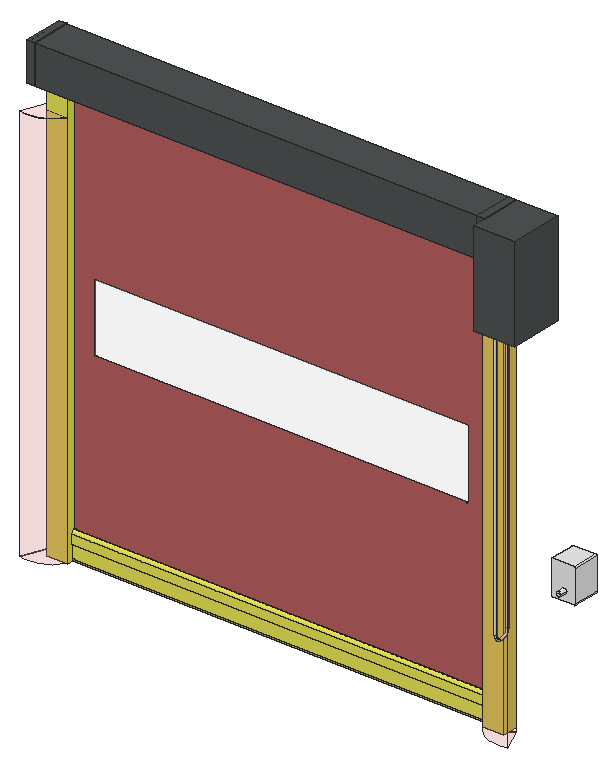
Revit family "Doors_Garage_Overhead-Door-Corporation_RapidFlex-High-Speed-Interior-Fabric-Door-991", category Specialty Equipment, host Wall, Revit 2019
Family settings
  Host = Wall
  Round Connector Dimension = Use Diameter
  Part Type = Normal
  OmniClass Number = 23.30.10.21.34
  OmniClass Title = Industrial Doors
  Always vertical = Yes
  Cut with Voids When Loaded = No
  Shared = No
  Room Calculation Point = No
Parameters (values of type "115 volts, one phase, 60 Hz (110-120V range)")
  Windows Off [instance] = not(Vision Panels)  # no
  Vision Panels [instance] = yes
  True Width [instance] = [Door Width (Real)]  # 10' - 0"
  True Height [instance] = [Door Height (Real)]  # 10' - 0"
  Three Phase Controller [instance] = not(One Phase Controller)  # no
  Rough Width [instance] = [Door Width (Real)]  # 10' - 0"
  Rough Height [instance] = [Door Height (Real)] - 0' 4 1/2"  # 9' - 7 1/2"
  Product Page URL = "https://www.overheaddoor.com/high-speed-doors-991"
  Powder Coat (Note) = "PowderGuard® Premium powder coat options are available in approximately 200 colors as well as custom matching to specification. "  # constant formula
  Panel Material [instance] = PVC - Overhead Door - Red
  One Phase Controller [instance] = if(Number of Poles = 1, 1 = 1, 1 = 2)  # yes
  Motor Cover [instance] = yes
  Hood Material = Metal - Overhead Door - Black
  Headroom Type [instance] = if(or(Headroom Option < 1, Headroom Option = 1), "Standard Headroom", "Sloped Hood Headroom")  # "Standard Headroom"
  Headroom Height [instance] = if(or(Headroom Option < 1, Headroom Option = 1), 1' 9 1/8", 1' 11 13/16")  # 1' - 9 1/8"
  Headroom Option [instance] = 1
  External Transformer = if(or(Voltage = 208 V, Voltage = 575 V), 1 = 1, 1 = 2)  # no
  Door Width (Real) [instance] = if(Door Width > Max Door Width, Max Door Width, if(Door Width < Min Door Width, Min Door Width, Door Width))  # 10' - 0"
  Door Height (Real) [instance] = if(Door Height > Max Door Height, Max Door Height, if(Door Height < Min Door Height, Min Door Height, Door Height))  # 10' - 0"
  Voltage = 115 V
  URL = "https://www.overheaddoor.com/"
  Product data url = "https://www.bimobject.com/overhead-door/product/high-speed-interior-fabric-door-991"
  Product Guid = "43ac61dc-bc52-4794-8490-39b0333cf0e0"
  Power Factor = 1
  Number of Poles = 1
  Model = "991"  # constant formula
  Min Door Width [instance] = 4' - 0"  # constant formula
  Min Door Height [instance] = 4' - 0"  # constant formula
  Max Door Width [instance] = 14' - 0"  # constant formula
  Max Door Height [instance] = 14' - 0"  # constant formula
  Manufacturer = "Overhead Door Corporation"  # constant formula
  Frequency = 60 Hz  # constant formula
  Wall Closure = By host
  Floor To (CL) of Shaft [instance] = [Door Height (Real)] + 0' 5 1/2"  # 10' - 5 1/2"
  Connector Description = "Rapidflex Large Control Panel"  # constant formula
  Finish Material = Finish - Overhead Door - Yellow
  Door Width [instance] = 10' - 0"
  Door Height [instance] = 10' - 0"
  Description = "Our high speed interior fabric door, RapidFlex® Model 991, is ideal for separating controlled environment spaces such as food and beverage facilities, high traffic zones, storage rooms and manufacturing areas to prevent cross contamination."  # constant formula
  Current = 20 A
  Clearance [instance] = yes
  Backroom Depth [instance] = 0' - 11 1/2"  # constant formula
  Apparent Load Phase 3 = if(Number of Poles = 1, 0 VA, (Voltage * Current * sqrt(3)) / 3)  # 0 VA
  Apparent Load Phase 2 = if(Number of Poles = 1, 0 VA, (Voltage * Current * sqrt(3)) / 3)  # 0 VA
  Apparent Load Phase 1 = if(Number of Poles = 1, Voltage * Current, (Voltage * Current * sqrt(3)) / 3)  # 2300 VA
Reference planes (in)
  plane 1 "Center (Front/Back)": y = 0
  plane 2 "Center (Left/Right)": x = 0
  plane 3 "Left": x = -60
  plane 4 "Right": x = 60
  plane 5 "Exterior": y = 3.00375
  plane 6 "Interior": y = -2.99625
  plane 7: x = 60
  plane 8: x = -60
  plane 9: z = 115.5
  plane 10 "Main": y = -7.11344
  plane 11: y = -14.49625
  plane 12: y = -2.99625
  plane 13: z = 47.47
  plane 14: y = -5.16813
  plane 15: y = -5.24829
  plane 16 "Main Door Block": y = -5.08796
  plane 17: z = 120
Lines and regions (in)
  Opening 1
    outline origin (-90, -2.99625, 0) x (1, 0, 0) y (0, 0, 1)
      loop
        line (30, 0) -> (150, 0) -> (150, 115.5) -> (30, 115.5) -> (30, 0)
Text (in)
  text "Exterior" at (-74.96733, 27.31104, 0), in view "Ref. Level"
  text "Interior" at (-74.96733, -25.14366, 0), in view "Ref. Level"
  text "Exterior" at (0, 40.15149, 123.01588), in view "Right"
  text "Interior" at (0, -64.39139, 123.01588), in view "Right"
  text "Interior" at (0, -31.01599, 123.00693), in view "Left"
  text "Exterior" at (0, 54.57065, 123.00693), in view "Left"
Dimensions and locks (in)
  equal spacing: plane 3 "Left", plane 2 "Center (Left/Right)", plane 4 "Right"
  "Door Width (Real)": plane 3 "Left" to plane 4 "Right"
  level to host wall = 38' - 3.59655"
  equal spacing: plane 8, plane 2 "Center (Left/Right)", plane 7
  "Rough Width": plane 7 to plane 8
  "Backroom Depth": plane 6 "Interior" to plane 11
  plane 9 to level = 9' - 7 1/2"
  locked: plane 12 to plane 10 "Main" at 4.11719
  plane 1 "Center (Front/Back)" to plane 6 "Interior" = 0' - 2.99625"
  locked: plane 14 to plane 6 "Interior" at 2.17187
  locked: plane 15 to plane 16 "Main Door Block" at 0.16033
  equal spacing: plane 15, plane 14, plane 16 "Main Door Block"
  locked: plane 17 to plane 9 at 4.5
  "Door Height (Real)": plane 17 to level
  aligned and locked: Opening 1 sketch curve to level
  aligned and locked: plane 5 "Exterior" to host wall
  aligned and locked: host wall to plane 6 "Interior"
  aligned and locked: plane 8 to Opening 1 sketch curve
  aligned and locked: plane 7 to Opening 1 sketch curve
  aligned and locked: plane 12 to plane 6 "Interior"
  aligned and locked: plane 12 to nested 1
  aligned and locked: nested 1 to plane 2 "Center (Left/Right)"
  aligned and locked: level to nested 1
  aligned and locked: Opening 1 sketch curve to plane 9
  aligned and locked: plane 16 "Main Door Block" to nested 2
  aligned and locked: plane 2 "Center (Left/Right)" to nested 2
Nested families (in)
  nested 1: "Lifts" at (0, -2.99625, 0) x (-1, 0, 0) z (0, 0, 1), Header Width <- "Backroom Depth", Motor Cover <- "Motor Cover", One Phase Controller <- "One Phase Controller", Three Phase Controller <- "Three Phase Controller", Header Option <- "Headroom Option", Headroom Height <- "Headroom Height", type "Frame Unit"
    with Three Phase Controller no, Standard Motor Housing yes, Standard Headroom Hood yes, Spool Radius 0' - 3.45", Sloped Motor RH no, Sloped Motor LH no, Sloped Motor Housing no, Sloped Headroom Hood no, Shaft Length Cut 2 0' - 7 1/2", Shaft Length Cut 1 1' - 5.38", Rod 2 no, Rod 1 no, Right Rod yes, Right Motor Position yes, One Phase Controller yes, Motor Cover Off no, Motor Cover yes, Masking Region Right Motor Three Phase no, Masking Region Right Motor no, Masking Region Left Motor Three Phase no, Masking Region Left Motor no, Left Rod no, Left Motor Position no, Headroom Offset 0' - 0", Headroom Height 1' - 9 1/8", Header Width 0' - 11 1/2", Header Option 1, Header Height 0' - 11", Guid Option 1, Floor To CL Shaft 10' - 11 1/8", Electric Operator Position 14' - 3 1/2", Clearance (Wide Guid) yes, Clearance (Slim Guid) no, CL Shaft Offset 1' - 0", Opening Height 9' - 7 1/2"
  nested 2: "Panel" at (0, -5.08796, 0), type "Panel"
Connectors (in)
  electrical at (85.75194, -10.53625, 47.99806), driven by "Number of Poles", driven by "Voltage", driven by "Apparent Load Phase 1", driven by "Power Factor", driven by "Connector Description", driven by "Apparent Load Phase 2", driven by "Apparent Load Phase 3"
    settings: on nested 1, index 1, voltage 115 V, apparent load 0 VA, apparent load phase1 2300 VA, apparent load phase2 0 VA, apparent load phase3 0 VA, power factor 1, load classification "Other", number of poles 1, system type 31, power factor state 1, is connector primary yes, connector utility no, sub classification motor no, connector description "Rapidflex Large Control Panel"
Definition of nested family "Lifts"
  Parameters (values of type "Frame Unit")
    Three Phase Controller [instance] = no
    Standard Motor Housing [instance] = if(and(Motor Cover, or(Header Option < 1, Header Option = 1)), 1 = 1, 1 = 2)  # no
    Standard Headroom Hood [instance] = if(or(Header Option < 1, Header Option = 1), 1 = 1, 1 = 2)  # no
    Spool Radius [instance] = 0' - 3.45"
    Sloped Motor RH [instance] = if(and(Right Motor Position, or(Header Option = 2, Header Option > 2)), 1 = 1, 1 = 2)  # yes
    Sloped Motor LH [instance] = if(and(Left Motor Position, or(Header Option = 2, Header Option > 2)), 1 = 1, 1 = 2)  # yes
    Sloped Motor Housing [instance] = if(and(Motor Cover, or(Header Option > 2, Header Option = 2)), 1 = 1, 1 = 2)  # yes
    Sloped Headroom Hood [instance] = if(or(Header Option > 2, Header Option = 2), 1 = 1, 1 = 2)  # yes
    Shaft Material = none
    Shaft Length Cut 2 [instance] = 0' - 7 1/2"  # constant formula
    Shaft Length Cut 1 [instance] = 1' - 5.38"  # constant formula
    Rod 2 [instance] = if(and(not(Motor Cover), Right Motor Position), 1 = 1, 1 = 2)  # no
    Rod 1 [instance] = if(and(not(Motor Cover), Left Motor Position), 1 = 1, 1 = 2)  # no
    Right Rod [instance] = if(Sloped Motor RH, 1 = 2, Right Motor Position)  # no
    Right Motor Position [instance] = yes
    Opening Width = 10' - 0"
    One Phase Controller [instance] = yes
    Naked Header = no
    Motor Cover Off [instance] = not(Motor Cover)  # no
    Motor Cover [instance] = yes
    Masking Region Right Motor Three Phase [instance] = if(and(Right Motor Position, Three Phase Controller), 1 = 1, 1 = 2)  # no
    Masking Region Right Motor [instance] = if(and(Right Motor Position, Motor Cover Off), 1 = 1, 1 = 2)  # no
    Masking Region Left Motor Three Phase [instance] = if(and(Left Motor Position, Three Phase Controller), 1 = 1, 1 = 2)  # no
    Masking Region Left Motor [instance] = if(and(Left Motor Position, Motor Cover Off), 1 = 1, 1 = 2)  # no
    Left Rod [instance] = if(Sloped Motor LH, 1 = 2, Left Motor Position)  # no
    Left Motor Position [instance] = yes
    Hood Offset (Real) = if(Hood Offset < 0' 4 1/2", 0' 4 1/2", if(Hood Offset > Opening Height / 2, Opening Height / 2, Hood Offset))  # 0' - 4 1/2"
    Hood Offset = 0' - 0"
    Hood Material = none
    Headroom Offset [instance] = if(or(Header Option < 1, Header Option = 1), 0' 0", 0' 2.69")  # 0' - 2.69"
    Headroom Height [instance] = 0' - 11"
    Header Width [instance] = 0' - 11 1/2"
    Header Option [instance] = 2
    Header Height [instance] = 0' - 11"
    Guid Width = 0' - 6"
    Guid Option [instance] = 1
    Floor To CL Shaft [instance] = Opening Height + Headroom Height - 0' 5 1/2" - Headroom Offset  # 4' - 2.81"
    External Transformer = no
    Electric Operator Position [instance] = if(Right Motor Position, (2' 1 3/4" * 2 + Opening Width), 0' 0")  # 14' - 3 1/2"
    Clearance (Wide Guid) [instance] = if(and(Clearance, or(Guid Option < 2, Guid Option = 2)), 1 < 2, 1 > 2)  # yes
    Clearance (Slim Guid) [instance] = if(and(Clearance, or(Guid Option > 3, Guid Option = 3)), 1 < 2, 1 > 2)  # no
    Clearance = yes
    Opening Height = 4' - 0"
    Finish Material = none
    CL Shaft Offset [instance] = if(or(Header Option < 1, Header Option = 1), 1' 0", 1' 4.53")  # 1' - 4.53"
    Bottom Bar = yes
    Analytic Construction = "<None>"
  Reference planes (in)
    plane 1 "Center (Front/Back)": y = 0
    plane 2: z = 0
    plane 3 "Center (Left/Right)": x = 0
    plane 4 "Left": x = -60
    plane 5 "Right": x = 60
    plane 6 "Center Line of Shaft": z = 50.81
    plane 7 "Headroom Top": z = 56.31
    plane 8 "Opening Height": z = 48
    plane 9: x = -77.38
    plane 10 "Shaft": x = -75.54413
    plane 11 "Box": x = -85.75
    plane 12 "EBOX": z = 48
    plane 13: z = 39.09375
    plane 14: z = 56.90625
    plane 15: z = 43.5
    plane 16: y = 7.54
    plane 17: z = 45.31
    plane 18: y = 11.5
    plane 19: x = 67.5
    plane 20: x = 66
    plane 21: x = -66
    plane 22: x = -78
    plane 23: x = -93.5
    plane 24: y = 5.75
    plane 25: y = 5.76393
    plane 26: y = 2.17
    plane 27 "Center L/MM": x = 85.75
    plane 28: z = 53
    plane 29: z = 43
    plane 30: x = -82.25
    plane 31: x = -89.25
    plane 32: y = 7.54
    plane 33 "1": z = 45.56
    plane 34 "Sloped motor LH": x = -71.125
    plane 35 "Sloped motor RH": x = 71.125
    plane 36: z = 59
  Forms (in)
    Extrusion 1, solid, material <- "Shaft Material"
      sketch origin (0, 0, 0) x (0, 1, 0) y (0, 0, 1)
        loop
          circle (5.75, 50.81) r 0.78
      from -77.38 to 67.5
    Extrusion 2, solid, visible <- "Three Phase Controller"
      sketch origin (-1.95651, 0, 0) x (1, 0, 0) y (0, 0, 1)
        loop
          line (-76.54349, 56.90625) -> (-91.04349, 56.90625)
          arc (-91.04349, 56.90625) -> (-91.39704, 56.7598) -> (-91.54349, 56.40625) r 0.5
          line (-91.54349, 56.40625) -> (-91.54349, 39.59375)
          arc (-91.54349, 39.59375) -> (-91.39704, 39.2402) -> (-91.04349, 39.09375) r 0.5
          line (-91.04349, 39.09375) -> (-76.54349, 39.09375)
          arc (-76.54349, 39.09375) -> (-76.18993, 39.2402) -> (-76.04349, 39.59375) r 0.5
          line (-76.04349, 39.59375) -> (-76.04349, 56.40625)
          arc (-76.04349, 56.40625) -> (-76.18993, 56.7598) -> (-76.54349, 56.90625) r 0.5
      from -7.54 to 0
    Revolve 3, solid, visible <- "Three Phase Controller"
      sketch origin (-55.03203, -180, 43.5) x (-1, 0, 0) y (0, -1, 0)
        loop
          line (27.35797, -187.54) -> (26.60797, -187.54) -> (26.75797, -189.312) -> (27.35797, -189.312) -> (27.35797, -187.54)
        axis (27.35797, -187.54) -> (27.35797, -189.312)
      angle from 0 to 360
    Extrusion 4, solid, material <- "Finish Material"
      sketch origin (0, 0, 0) x (1, 0, 0) y (0, 1, 0)
        loop
          line (-66, 0) -> (-60, 0) -> (-60, 4.4375) -> (-66, 4.4375) -> (-66, 0)
        loop
          line (66, 0) -> (66, 4.44) -> (60, 4.44) -> (60, 0) -> (66, 0)
      from 0 to 45.31
    Extrusion 5, solid, material <- "Hood Material", visible <- "Standard Headroom Hood"
      sketch origin (0, 0, 0) x (0, 1, 0) y (0, 0, 1)
        loop
          line (0, 45.31) -> (11.5, 45.31) -> (11.5, 56.31) -> (0, 56.31) -> (0, 45.31)
      from -66 to 66
    Sweep 6, solid, material <- "Hood Material"
      path origin (0, 0, 0) x (0, 1, 0) y (0, 0, 1)
        loop
          line (0, 45.31) -> (11.5, 45.31) -> (11.5, 56.31) -> (0, 56.31) -> (0, 45.31)
      profile origin (0, 0, 50.81) x (0, -1, 0) y (1, 0, 0)
        loop
          line (0, -66) -> (0, -63.8) -> (-0.284, -63.8) -> (-0.284, -66) -> (0, -66)
        loop
          line (0, 66) -> (-0.284, 66) -> (-0.284, 63.80145) -> (0, 63.80145) -> (0, 66)
    Extrusion 7, solid, material <- "Hood Material"
      sketch origin (0, 0, 0) x (1, 0, 0) y (0, 1, 0)
        loop
          line (66, 0) -> (66, 11.5) -> (65.495, 11.5) -> (65.495, 0) -> (66, 0)
        loop
          line (-66, 0) -> (-65.495, 0) -> (-65.495, 11.5) -> (-66, 11.5) -> (-66, 0)
      from 45.31 to 56.31
    Extrusion 8, solid, material <- "Hood Material"
      sketch origin (-60, -60, 48) x (0, -1, 0) y (0, 0, 1)
        loop
          circle (-65.75, 2.81) r 3.45
      from 5.18 to 4.12
    Extrusion 9, solid, visible <- "External Transformer"
      sketch origin (0, 0, 48) x (1, 0, 0) y (0, 1, 0)
        loop
          line (-92.625, 0) -> (-78.875, 0) -> (-78.875, 0.125) -> (-81.25, 0.125) -> (-81.25, 9.3125) -> (-90.25, 9.3125) -> (-90.25, 0.125) -> (-92.625, 0.125) -> (-92.625, 0)
      from -19.13 to -10
    Extrusion 10, solid, visible <- "Clearance"
      sketch origin (0, 0, 0) x (1, 0, 0) y (0, 1, 0)
        loop
          arc (-60, 4.4375) -> (-64.48189, 8.35406) -> (-70.42813, 8.61682) r 9
          line (-70.42813, 8.61682) -> (-67.62491, 1.67861) -> (-66, 2.61675) -> (-66, 4.4375) -> (-60, 4.4375)
        loop
          line (60, 4.44) -> (66, 4.44) -> (66, 2.61675) -> (67.62491, 1.67861) -> (70.42798, 8.61644)
          arc (70.42798, 8.61644) -> (64.48242, 8.35484) -> (60, 4.44) r 9
      from 0 to 48
    Extrusion 11, solid, material <- "Hood Material"
      sketch origin (60, 0.01393, -0.15033) x (0, -1, 0) y (0, 0, 1)
        loop
          circle (-5.75, 50.96033) r 3.45
      from -5.18313 to -4.12313
    Extrusion 12, solid, material <- "Finish Material"
      sketch origin (0, 0, 0) x (0, 1, 0) y (0, 0, 1)
        loop
          arc (3.17, 7.16) -> (2.93566, 7.83524) -> (2.33339, 8.22014) r 1.09
          arc (2.33339, 8.22014) -> (2.26394, 8.20625) -> (2.22831, 8.14505) r 0.08624
          arc (2.22831, 8.14505) -> (2.17, 7.81318) -> (2.11169, 8.14505) r 0.17106
          arc (2.11169, 8.14505) -> (2.07606, 8.20625) -> (2.00661, 8.22014) r 0.08624
          arc (2.00661, 8.22014) -> (1.40434, 7.83524) -> (1.17, 7.16) r 1.09
          line (1.17, 7.16) -> (1.17, 4.64381) -> (1.48036, 4.64381) -> (1.48036, 0.69)
          arc (1.48036, 0.69) -> (1.68233, 0.20222) -> (2.17, 0) r 0.69
          arc (2.17, 0) -> (2.65767, 0.20222) -> (2.85964, 0.69) r 0.69
          line (2.85964, 0.69) -> (2.85964, 4.64381) -> (3.17, 4.64381) -> (3.17, 7.16)
      from -60 to 60
    Extrusion 13, solid, visible <- "One Phase Controller"
      sketch origin (0, 0, 0) x (1, 0, 0) y (0, 0, 1)
        loop
          line (-82.66553, 53) -> (-88.85, 53)
          arc (-88.85, 53) -> (-89.13284, 52.88284) -> (-89.25, 52.6) r 0.4
          line (-89.25, 52.6) -> (-89.25, 43.4)
          arc (-89.25, 43.4) -> (-89.13284, 43.11716) -> (-88.85, 43) r 0.4
          line (-88.85, 43) -> (-82.65, 43)
          arc (-82.65, 43) -> (-82.36716, 43.11716) -> (-82.25, 43.4) r 0.4
          line (-82.25, 43.4) -> (-82.25, 52.58447)
          arc (-82.25, 52.58447) -> (-82.37171, 52.87829) -> (-82.66553, 53) r 0.41553
      from -7.54 to 0
    Revolve 14, solid, visible <- "One Phase Controller"
      sketch origin (0, 0, 45.56) x (-1, 0, 0) y (0, -1, 0)
        loop
          line (85.75, -9.3125) -> (85.75, -7.54) -> (85, -7.54) -> (85.15, -9.3125) -> (85.75, -9.3125)
        axis (85.75, -9.3125) -> (85.75, -7.54)
      angle from 0 to 360
    Extrusion 15, solid, material <- "Hood Material", visible <- "Sloped Headroom Hood"
      sketch origin (0, 0, 0) x (0, 1, 0) y (0, 0, 1)
        loop
          line (0, 58.9975) -> (0, 45.31) -> (11.5, 45.31) -> (11.5, 56.98734) -> (0, 58.9975)
        loop
          line (11.216, 56.026) -> (0.284, 56.026) -> (0.284, 45.594) -> (11.216, 45.594) -> (11.216, 56.026)
      from -66 to 66
  Cuts and joins
    joined: Sweep 6, Extrusion 7
  Lines and regions (in)
    Masking region 1, visible <- "Three Phase Controller"
      outline origin (0, 0, 0) x (1, 0, 0) y (0, 1, 0)
        loop
          line (-93.5, 0) -> (-78, 0) -> (-78, 7.54) -> (-93.5, 7.54) -> (-93.5, 0)
    Masking region 2, visible <- "Masking Region Right Motor Three Phase"
      outline origin (0, 0, 0) x (1, 0, 0) y (0, 1, 0)
        loop
          line (-81.64, 7.54) -> (-81.79, 9.312) -> (-82.99, 9.312) -> (-83.14, 7.54) -> (-81.64, 7.54)
    Masking region 3
      outline origin (0, 0, 0) x (1, 0, 0) y (0, 1, 0)
        loop
          line (67.5, 6.53) -> (66, 6.53) -> (66, 4.97) -> (67.5, 4.97) -> (67.5, 6.53)
    Masking region 4, visible <- "External Transformer"
      outline origin (0, 0, 0) x (1, 0, 0) y (0, 1, 0)
        loop
          line (-90.25, 7.54) -> (-81.25, 7.54) -> (-81.25, 9.3125) -> (-90.25, 9.3125) -> (-90.25, 7.54)
    Masking region 5, visible <- "Masking Region Left Motor Three Phase"
      outline origin (-205.49871, 0, 0) x (0, 1, 0) y (-1, 0, 0)
        loop
          line (7.54, -115.63871) -> (7.54, -117.13871) -> (9.312, -116.98871) -> (9.312, -115.78871) -> (7.54, -115.63871)
    Masking region 6
      outline origin (0, 0, 0) x (1, 0, 0) y (0, 1, 0)
        loop
          line (-66, 11.5) -> (-66, 0) -> (66, 0) -> (66, 11.5) -> (-66, 11.5)
    Masking region 7, visible <- "One Phase Controller"
      outline origin (0, 0, 0) x (1, 0, 0) y (0, 1, 0)
        loop
          line (-89.25, 7.54) -> (-89.25, 0) -> (-82.27704, 0) -> (-82.27704, 7.54) -> (-89.25, 7.54)
    Masking region 8, visible <- "One Phase Controller"
      outline origin (0, 0, 0) x (1, 0, 0) y (0, 1, 0)
        loop
          line (-86.35, 9.3125) -> (-86.5, 7.54) -> (-85, 7.54) -> (-85.15, 9.3125) -> (-86.35, 9.3125)
    Masking region 9, visible <- "Rod 2"
      outline origin (0, 0, 0) x (0, 1, 0) y (-1, 0, 0)
        loop
          line (6.53, 66) -> (6.53, 67.9302) -> (5.90027, 67.9302) -> (5.90027, 69.159) -> (6.53, 69.159) -> (6.53, 69.759) -> (5.40047, 69.759) -> (5.40047, 69.22902) -> (4.97, 69.22902) -> (4.97, 66) -> (6.53, 66)
        loop
          line (4.97, 77.38) -> (4.97, 74.22898) -> (5.40047, 74.22898) -> (5.40047, 73.699) -> (6.53, 73.699) -> (6.53, 77.38) -> (4.97, 77.38)
    symbolic lines
      curve 1: line (-63.8, 0, 0) -> (-63.8, 11.5, 0)
      curve 2: line (63.80145, 11.5, 0) -> (63.80145, 0, 0)
  Dimensions and locks (in)
    equal spacing: plane 4 "Left", plane 3 "Center (Left/Right)", plane 5 "Right"
    "Opening Width": plane 4 "Left" to plane 5 "Right"
    "Header Height": plane 7 "Headroom Top" to plane 17
    "Opening Height": plane 8 "Opening Height" to level
    locked: level to plane 12 "EBOX" at 48
    locked: plane 11 "Box" to Revolve 3 sketch curve at 3.36
    equal spacing: plane 14, plane 12 "EBOX", plane 13
    locked: plane 12 "EBOX" to plane 15 at 4.5
    locked: plane 13 to plane 14 at 17.8125
    locked: plane 10 "Shaft" to plane 4 "Left" at 15.54413
    plane 11 "Box" to plane 10 "Shaft" = 0' - 10.20587"
    locked: plane 16 to plane 1 "Center (Front/Back)" at 7.54
    locked: Revolve 3 sketch curve to Revolve 3 sketch curve at 0.6
    locked: Revolve 3 sketch curve to Revolve 3 sketch curve at 0.75
    locked: plane 16 to Revolve 3 sketch curve at 1.772
    "Guid Width": Extrusion 4 sketch curve to plane 4 "Left"
    locked: plane 1 "Center (Front/Back)" to Extrusion 4 sketch curve at 4.4375
    "Header Width": plane 1 "Center (Front/Back)" to Extrusion 5 sketch curve
    Extrusion 5 to plane 4 "Left" = 0' - 6"
    plane 5 "Right" to Extrusion 5 = 0' - 6"
    "Header Width": plane 1 "Center (Front/Back)" to Sweep 6 sketch curve
    "Header Width": plane 1 "Center (Front/Back)" to Extrusion 7 sketch curve  (x2)
    "Header Width": plane 1 "Center (Front/Back)" to plane 18
    plane 21 to nested 1 = 0' - 5.729"
    "Guid Width": plane 4 "Left" to plane 21
    "Guid Width": plane 5 "Right" to plane 20
    locked: Extrusion 7 sketch curve to plane 20 at 0.505
    locked: plane 21 to Extrusion 7 sketch curve at 0.505
    locked: plane 11 "Box" to plane 23 at 7.75
    locked: plane 22 to plane 11 "Box" at 7.75
    locked: Masking region 3 sketch curve to Masking region 3 sketch curve at 1.56
    locked: plane 1 "Center (Front/Back)" to Extrusion 9 sketch curve at 0.125
    locked: plane 11 "Box" to Extrusion 9 sketch curve at 4.5
    locked: Extrusion 9 sketch curve to plane 11 "Box" at 4.5
    locked: Extrusion 9 sketch curve to plane 11 "Box" at 6.875
    locked: plane 11 "Box" to Extrusion 9 sketch curve at 6.875
    plane 1 "Center (Front/Back)" to Extrusion 9 sketch curve = 0' - 9 5/16"
    locked: plane 18 to Extrusion 8 sketch curve at 5.75
    locked: plane 18 to Extrusion 1 sketch curve at 5.75
    locked: Extrusion 4 sketch curve to Extrusion 4 sketch curve at 4.44
    "Guid Width": Extrusion 4 sketch curve to Extrusion 4 sketch curve
    plane 20 to plane 21 = 11' - 0"
    locked: plane 1 "Center (Front/Back)" to Extrusion 10 sketch curve at 9  (x2)
    Sweep 6 sketch curve to Extrusion 4 = 0' - 0.284"
    locked: plane 1 "Center (Front/Back)" to plane 26 at 2.17
    "Electric Operator Position": plane 11 "Box" to plane 27 "Center L/MM"
    equal spacing: Masking region 1 sketch curve, plane 11 "Box", Masking region 1 sketch curve
    locked: Masking region 1 sketch curve to Masking region 1 sketch curve at 15.5
    "Floor To CL Shaft": plane 6 "Center Line of Shaft" to plane 2
    plane 8 "Opening Height" to level = 4' - 0"
    equal spacing: plane 29, plane 12 "EBOX", plane 28
    locked: plane 29 to plane 28 at 10
    locked: plane 1 "Center (Front/Back)" to plane 32 at 7.54
    locked: plane 32 to Revolve 14 sketch curve at 1.7725
    locked: plane 12 "EBOX" to plane 33 "1" at 2.44
    locked: plane 11 "Box" to Revolve 14 sketch curve at 0.75
    locked: plane 11 "Box" to Revolve 14 sketch curve at 0.6
    locked: Extrusion 12 sketch curve to Extrusion 12 sketch curve at 2
    equal spacing: Extrusion 12 sketch curve, plane 26, Extrusion 12 sketch curve  (x2)
    locked: Extrusion 12 sketch curve to plane 2 at 8.22233
    locked: Extrusion 12 sketch curve to Extrusion 12 sketch curve at 1.37927
    locked: Extrusion 12 sketch curve to plane 2 at 4.64381
    locked: Extrusion 12 sketch curve to plane 2 at 7.98424
    "Header Width": plane 18 to Extrusion 15 sketch curve
    equal spacing: plane 35 "Sloped motor RH", plane 3 "Center (Left/Right)", plane 34 "Sloped motor LH"
    locked: plane 4 "Left" to plane 34 "Sloped motor LH" at 11.125
    locked: Extrusion 15 sketch curve to plane 17 at 0.284
    "Shaft Length Cut 2": plane 5 "Right" to plane 19
    "Shaft Length Cut 1": plane 9 to plane 4 "Left"
    "Headroom Offset": plane 36 to plane 7 "Headroom Top"
    "Headroom Height": plane 36 to plane 8 "Opening Height"
    locked: Extrusion 15 sketch curve to plane 7 "Headroom Top" at 2.6875
    locked: Extrusion 15 sketch curve to plane 7 "Headroom Top" at 0.67734
    locked: plane 30 to plane 11 "Box" at 3.5
    locked: plane 11 "Box" to plane 31 at 3.5
    locked: plane 20 to plane 27 "Center L/MM" at 19.75
    plane 5 "Right" to plane 27 "Center L/MM" = 2' - 1 3/4"
    Masking region 9 sketch curve to Masking region 9 sketch curve to Masking region 9 sketch curve to Masking region 9 sketch curve to Masking region 9 sketch curve to Masking region 9 sketch curve to Masking region 9 sketch curve to Masking region 9 sketch curve = 0' - 1.9302" locked, 0' - 1.2288" locked, 0' - 0.07002" locked, 0' - 0.52998" locked, 0' - 3.94" locked, 0' - 0.52998" locked, 0' - 3.15102" locked
    locked: curve 2 to plane 20 at 2.19855
    locked: plane 21 to curve 1 at 2.2
    locked: Sweep 6 sketch curve to plane 20 at 2.19855
    locked: plane 21 to Sweep 6 sketch curve at 2.2
    locked: Extrusion 1 sketch curve to Extrusion 1 sketch curve (radius 0' - 0.78")
    "Spool Radius": radius of Extrusion 8 sketch curve
    "Spool Radius": radius of Extrusion 11 sketch curve
    radius of Extrusion 10 sketch curve = 0' - 9"  (x2)
    locked: Revolve 3 to Masking region 2 sketch curve (angle 85.1614°)
    locked: Masking region 2 sketch curve to Revolve 3 (angle 85.1614°)
    locked: Masking region 8 sketch curve to Revolve 14 (angle 85.1628°)
    locked: Revolve 14 to Masking region 8 sketch curve (angle 85.1628°)
    aligned and locked: plane 2 to level
    aligned and locked: plane 9 to Extrusion 1
    aligned and locked: Extrusion 2 to plane 1 "Center (Front/Back)"
    aligned and locked: Extrusion 2 sketch curve to plane 13
    aligned and locked: plane 14 to Extrusion 2 sketch curve
    aligned and locked: Revolve 3 sketch curve to Revolve 3 sketch curve
    aligned and locked: plane 16 to Revolve 3 sketch curve
    aligned and locked: Extrusion 5 sketch curve to plane 1 "Center (Front/Back)"
    aligned and locked: Extrusion 5 sketch curve to plane 7 "Headroom Top"
    aligned and locked: Extrusion 5 to plane 17
    aligned and locked: plane 17 to Extrusion 5 sketch curve
    aligned and locked: plane 17 to Extrusion 4
    aligned and locked: Sweep 6 sketch curve to plane 1 "Center (Front/Back)"
    aligned and locked: Sweep 6 sketch curve to plane 7 "Headroom Top"
    aligned and locked: Sweep 6 sketch curve to plane 17
    aligned and locked: profile plane to Sweep 6 sketch curve
    aligned and locked: Extrusion 7 sketch curve to plane 1 "Center (Front/Back)"  (x2)
    aligned and locked: plane 7 "Headroom Top" to Extrusion 7
    aligned and locked: Extrusion 7 to plane 17
    aligned and locked: Masking region 2 sketch curve to Revolve 3  (x2)
    aligned and locked: Extrusion 1 to plane 19
    aligned and locked: Extrusion 7 sketch curve to plane 21
    aligned and locked: Extrusion 7 sketch curve to plane 20
    aligned and locked: plane 22 to Extrusion 2 sketch curve
    aligned and locked: plane 23 to Extrusion 2 sketch curve
    aligned and locked: plane 19 to Masking region 3 sketch curve
    aligned and locked: plane 20 to Masking region 3 sketch curve
    aligned and locked: Masking region 3 sketch curve to Extrusion 1
    aligned and locked: Extrusion 9 sketch curve to plane 1 "Center (Front/Back)"
    aligned and locked: Extrusion 9 sketch curve to Extrusion 9 sketch curve
    aligned and locked: Masking region 4 sketch curve to Extrusion 9  (x2)
    aligned and locked: Extrusion 9 to Masking region 4 sketch curve
    aligned and locked: plane 6 "Center Line of Shaft" to Extrusion 8 sketch curve
    aligned and locked: plane 6 "Center Line of Shaft" to Extrusion 1 sketch curve
    aligned and locked: Extrusion 4 sketch curve to plane 1 "Center (Front/Back)"  (x2)
    aligned and locked: plane 20 to Extrusion 4 sketch curve
    aligned and locked: Extrusion 10 to level
    aligned and locked: cut or joined group of Sweep 6, Extrusion 7 to plane 21
    aligned and locked: cut or joined group of Sweep 6, Extrusion 7 to plane 18  (x2)
    aligned and locked: cut or joined group of Sweep 6, Extrusion 7 to plane 1 "Center (Front/Back)"
    aligned and locked: plane 1 "Center (Front/Back)" to cut or joined group of Sweep 6, Extrusion 7
    aligned and locked: plane 20 to cut or joined group of Sweep 6, Extrusion 7
    aligned and locked: Sweep 6 sketch curve to cut or joined group of Sweep 6, Extrusion 7
    aligned and locked: Extrusion 5 to plane 21
    aligned and locked: plane 20 to Extrusion 5
    aligned and locked: plane 7 "Headroom Top" to nested 1
    aligned and locked: plane 8 "Opening Height" to Extrusion 10
    aligned and locked: nested 1 to plane 21
    aligned and locked: Extrusion 12 to plane 5 "Right"
    aligned and locked: plane 4 "Left" to Extrusion 12
    aligned and locked: plane 18 to Masking region 6 sketch curve
    aligned and locked: Masking region 6 sketch curve to plane 1 "Center (Front/Back)"
    aligned and locked: Masking region 6 sketch curve to plane 21
    aligned and locked: Masking region 6 sketch curve to plane 20
    aligned and locked: plane 1 "Center (Front/Back)" to nested 1
    aligned and locked: plane 28 to Extrusion 13 sketch curve
    aligned and locked: Extrusion 13 sketch curve to plane 29
    aligned and locked: Extrusion 13 sketch curve to plane 30
    aligned and locked: plane 1 "Center (Front/Back)" to Extrusion 13
    aligned and locked: Revolve 14 sketch curve to Revolve 14 sketch curve
    aligned and locked: Revolve 14 sketch curve to plane 32
    aligned and locked: Masking region 8 sketch curve to Revolve 14
    aligned and locked: Masking region 4 to Masking region 8 sketch curve
    aligned and locked: Extrusion 12 sketch curve to Extrusion 12 sketch curve
    aligned and locked: plane 26 to Extrusion 12 sketch curve
    aligned and locked: Extrusion 4 to Extrusion 10 sketch curve
    aligned and locked: plane 20 to Extrusion 15
    aligned and locked: Extrusion 15 to plane 21
    aligned and locked: Extrusion 15 sketch curve to plane 17
    aligned and locked: plane 6 "Center Line of Shaft" to Extrusion 11 sketch curve
    aligned and locked: Extrusion 11 sketch curve to plane 25
    aligned and locked: Sweep 6 sketch curve to Sweep 6 sketch curve
    aligned and locked: plane 21 to Sweep 6 sketch curve
    aligned and locked: Masking region 9 sketch curve to plane 21
    aligned and locked: Extrusion 10 sketch curve to Extrusion 4
    aligned and locked: Extrusion 10 sketch curve to plane 20
    aligned and locked: plane 20 to Extrusion 10 sketch curve
    aligned and locked: Extrusion 10 sketch curve to plane 21
    aligned and locked: plane 4 "Left" to Extrusion 10 sketch curve
    aligned and locked: plane 21 to Extrusion 10 sketch curve
    aligned and locked: plane 5 "Right" to Extrusion 10 sketch curve
    aligned and locked: plane 20 to Sweep 6 sketch curve
  Automatic sketch dimensions
    Extrusion 2 sketch curve to Extrusion 2 sketch curve = 0' - 0 1/2"
    Extrusion 2 sketch curve to plane 14 = 0' - 0 1/2"
    Extrusion 2 sketch curve to plane 22 = 0' - 0 1/2"  (x2)
    Extrusion 13 sketch curve to plane 31 = 0' - 0"
    Extrusion 13 sketch curve to plane 28 = 0' - 0.4"
    Extrusion 13 sketch curve to plane 15 = 0' - 0.1"  (x2)
    Extrusion 13 sketch curve to plane 28 = 0' - 0.41553"
    Revolve 14 sketch curve to plane 11 "Box" = 0' - 0"
    Revolve 14 sketch curve to plane 32 = 0' - 0"
    Revolve 14 sketch curve to Revolve 14 sketch curve = 0' - 0"
    Masking region 9 sketch curve to plane 26 = 0' - 2.8"  (x2)
    Masking region 9 sketch curve to Masking region 9 sketch curve = 0' - 0.43047"  (x2)
    Masking region 9 sketch curve to Masking region 9 sketch curve = 0' - 0.4998"
    Masking region 9 sketch curve to Masking region 9 sketch curve = 0' - 1.56"
    Masking region 9 sketch curve to Masking region 9 sketch curve = 0' - 0.62973"
    Masking region 9 sketch curve to Masking region 9 sketch curve = 0' - 1.12953"
    plane 1 "Center (Front/Back)" to curve 2 = 0' - 0"
    curve 1 to plane 1 "Center (Front/Back)" = 0' - 0"
    plane 18 to curve 2 = 0' - 0"
    plane 18 to curve 1 = 0' - 0"
    Revolve 3 sketch curve to plane 18 = 0' - 7.38505"
    Revolve 3 sketch curve to plane 26 = 0' - 0.90036"
    Masking region 1 sketch curve to plane 1 "Center (Front/Back)" = 0' - 0"
    plane 18 to Masking region 1 sketch curve = 0' - 3.96"
    plane 11 "Box" to Masking region 2 sketch curve = 0' - 2.61"
    Masking region 2 sketch curve to Masking region 2 sketch curve = 0' - 1.2"
    Masking region 4 sketch curve to Masking region 4 sketch curve = 0' - 1.7725"
    plane 26 to Extrusion 10 sketch curve = 0' - 0.49139"  (x2)
    Extrusion 10 sketch curve to Extrusion 10 sketch curve = 0' - 0.20507"
    plane 34 "Sloped motor LH" to Extrusion 10 sketch curve = 0' - 0.69687"
    Extrusion 10 sketch curve to Extrusion 10 sketch curve = 0' - 0.20365"
    Extrusion 10 sketch curve to plane 35 "Sloped motor RH" = 0' - 0.69702"
    Extrusion 10 sketch curve to plane 26 = 0' - 0.44675"  (x2)
    Extrusion 12 sketch curve to plane 26 = 0' - 0"
    plane 26 to Extrusion 12 sketch curve = 0' - 0.14408"
    plane 26 to Extrusion 12 sketch curve = 0' - 0.09"
    plane 26 to Extrusion 12 sketch curve = 0' - 0.00036"
    Extrusion 12 sketch curve to plane 26 = 0' - 0.00036"
    Extrusion 12 sketch curve to plane 26 = 0' - 0.09"
    Extrusion 12 sketch curve to plane 26 = 0' - 0.14408"
    level to Extrusion 12 sketch curve = 0' - 0.69"
    Extrusion 12 sketch curve to Extrusion 12 sketch curve = 0' - 0 211/256"
    Extrusion 12 sketch curve to Extrusion 12 sketch curve = 0' - 0"
    Extrusion 12 sketch curve to Extrusion 12 sketch curve = 0' - 0.15185"  (x2)
    plane 26 to Extrusion 12 sketch curve = 0' - 0.05831"
    Extrusion 12 sketch curve to Extrusion 12 sketch curve = 0' - 0.08577"
    plane 18 to Masking region 5 sketch curve = 0' - 3.96"
    Masking region 5 sketch curve to Masking region 5 sketch curve = 0' - 1.772"
    Masking region 5 sketch curve to plane 11 "Box" = 0' - 2.61"
    Masking region 5 sketch curve to Masking region 5 sketch curve = 0' - 0.15"
    Masking region 5 sketch curve to Masking region 5 sketch curve = 0' - 1.2"
    Masking region 5 sketch curve to Masking region 5 sketch curve = 0' - 1 1/2"
    Masking region 7 sketch curve to plane 1 "Center (Front/Back)" = 0' - 0"
    Masking region 7 sketch curve to plane 11 "Box" = 0' - 3 1/2"
    plane 11 "Box" to Masking region 7 sketch curve = 0' - 3.47296"
    plane 18 to Masking region 7 sketch curve = 0' - 3.96"
    Masking region 8 sketch curve to plane 11 "Box" = 0' - 0 3/4"
    plane 11 "Box" to Masking region 8 sketch curve = 0' - 0.6"
    Extrusion 15 sketch curve to plane 18 = 0' - 0"
    Extrusion 15 sketch curve to plane 1 "Center (Front/Back)" = 0' - 0.284"
    plane 18 to Extrusion 15 sketch curve = 0' - 0.284"
    Extrusion 15 sketch curve to plane 7 "Headroom Top" = 0' - 0.284"
    Extrusion 4 sketch curve to plane 4 "Left" = 0' - 0"
  Nested families (in)
    nested 1: "General Motor" at (-71.729, 0.5, 50.509), visible <- "Right Motor Position", Motor Cover <- "Motor Cover", Standard Motor Hausing <- "Standard Motor Housing", Sloped Motor Housing <- "Sloped Motor Housing", type "Family2"
      with Standard Motor Hausing no, Sloped Motor Housing yes, Motor Cover Off no, Motor Cover yes, Opening Height 4' - 0", Floor To Cl Shaft 4' - 2.81", Chain Length -1' - 4 1/2", CL of Shaft 4' - 2.81"
  Definition of nested family "General Motor"
    Parameters (values of type "Family2")
      Standard Motor Hausing [instance] = yes
      Sloped Motor Housing [instance] = yes
      Shaft Material = none
      Opening Height = 9' - 7 1/2"
      Motor Cover Off [instance] = not(Motor Cover)  # no
      Motor Cover [instance] = yes
      Hood Material = none
      Floor To Cl Shaft = 8' - 4.311"
      Finish Material = none
      Default Elevation = 4' - 0"
      Chain Length = CL of Shaft - 4' 0" - 1' 7.31"  # 4' - 3"
      CL of Shaft = 9' - 10.31"
      Amount of Panels = 5
    Reference planes (in)
      plane 1 "Center (Front/Back)": y = 0
      plane 2: z = 0
      plane 3 "Center (Left/Right)": x = 0
      plane 4: z = 5.335
      plane 5: z = -18.546
      plane 6: z = -17.165
      plane 7: z = -19.311
      plane 8: z = -70.311
      plane 9: x = 5.729
      plane 10: z = -5.699
      plane 11: x = -6.271
      plane 12: z = -100.311
    Forms (in)
      Revolve 1, solid, material <- "Shaft Material"
        sketch origin (0, 0, -153.29) x (0, 0, -1) y (0, -1, 0)
          loop
            line (-158.625, -8.066) -> (-134.744, -8.066) -> (-134.744, -6.99312) -> (-136.091, -6.365) -> (-138.289, -6.365) -> (-138.289, -5.714) -> (-140.769, -5.586) -> (-142.108, -5.519) -> (-146.951, -5.519) -> (-148.093, -5.704) -> (-148.349, -5.704) -> (-156.66, -5.468) -> (-158.625, -5.468) -> (-158.625, -8.066)
          axis (-134.744, -8.066) -> (-158.625, -8.066)
        angle from 0 to 360
      Extrusion 2, solid, material <- "Shaft Material"
        sketch origin (0, 0, -153.29) x (0, 0, -1) y (0, -1, 0)
          loop
            line (-142.108, -13.875) -> (-142.108, -7.875) -> (-146.951, -7.875) -> (-146.951, -13.875) -> (-142.108, -13.875)
        from -2.5 to 2.5
      Extrusion 3, solid
        sketch origin (51.311, 0, 0) x (-1, 0, 0) y (0, -1, 0)
          loop
            line (45.582, -1.755) -> (45.582, -3.496) -> (45.832, -3.496) -> (45.832, -1.82199) -> (46.73959, -0.25) -> (52.45925, -0.25) -> (52.45925, 0) -> (46.59525, 0) -> (45.582, -1.755)
        from -4.56 to 4.56
      Extrusion 4, void
        sketch origin (51.311, 0, -153.29) x (1, 0, 0) y (0, 0, 1)
          loop
            line (-48.772, 148.73) -> (-52.45925, 148.73) -> (-52.45925, 149.98) -> (-50.72525, 149.98) -> (-50.72525, 156.6) -> (-52.45925, 156.6) -> (-52.45925, 157.85) -> (-48.772, 157.85) -> (-45.582, 157.0155) -> (-45.582, 159.2655) -> (-55.082, 159.2655) -> (-55.082, 147.3145) -> (-45.582, 147.3145) -> (-45.582, 149.5645) -> (-48.772, 148.73)
        from -15.80227 to 5
      Extrusion 5, solid, material <- "Shaft Material"
        sketch origin (0, 0, -153.29) x (0, 0, -1) y (0, -1, 0)
          loop
            line (-143.525, -4.641) -> (-143.525, -1.441) -> (-148.515, -1.18157) -> (-148.84, -1.18157) -> (-148.84, -1.57157) -> (-150.11271, -1.57157) -> (-150.11271, -4.51043) -> (-148.84, -4.51043) -> (-148.84, -4.90043) -> (-148.515, -4.90043) -> (-143.525, -4.641)
        from -2.5 to 2.5
      Extrusion 6, void
        sketch origin (51.311, 0, -153.29) x (1, 0, 0) y (0, 0, 1)
          loop
            line (-48.811, 148.515) -> (-49.24757, 143.525) -> (-53.37443, 143.525) -> (-53.811, 148.515) -> (-55.811, 148.515) -> (-55.811, 142.515) -> (-46.811, 142.515) -> (-46.811, 148.515) -> (-48.811, 148.515)
        from -4.90043 to -1.18157
      Extrusion 7, solid, material <- "Shaft Material"
        sketch origin (0, 0, -153.29) x (0, 0, -1) y (0, -1, 0)
          loop
            line (-149.944, -0.25) -> (-156.636, -0.25) -> (-156.636, -9.069) -> (-149.944, -9.069) -> (-149.944, -0.25)
        from -1.97 to 1.97
      Extrusion 8, solid, material <- "Shaft Material"
        sketch origin (6.36891, 0, -153.29) x (0, 0, -1) y (0, -1, 0)
          loop
            line (-133.979, -10.6) -> (-133.979, -5.4) -> (-136.125, -5.4)
            arc (-136.125, -5.4) -> (-138.725, -8) -> (-136.125, -10.6) r 2.6
            line (-136.125, -10.6) -> (-133.979, -10.6)
        from 2.565 to 3.79891
      Extrusion 9, solid, material <- "Shaft Material"
        sketch origin (0, 0, -153.29) x (0, 0, -1) y (0, -1, 0)
          loop
            circle (-136.09491, -8.066) r 1.34
        from -2.57 to 2.565
      Sweep 10, solid, material <- "Shaft Material"
        path origin (6.36891, 0, -153.29) x (0, 0, -1) y (0, -1, 0)
          loop
            line (-133.979, -10.4375) -> (-82.979, -10.4375)
            arc (-82.979, -10.4375) -> (-80.5415, -8) -> (-82.979, -5.5625) r 2.4375
            line (-82.979, -5.5625) -> (-133.979, -5.5625)
        profile origin (6.36891, 10.4375, -44.811) x (-1, 0, 0) y (0, -1, 0)
          loop
            circle (3.18196, 0.2675) r 0.2675
      Extrusion 11, solid, material <- "Hood Material", visible <- "Standard Motor Hausing"
        sketch origin (5.729, 1.755, 48) x (0, -1, 0) y (0, 0, 1)
          loop
            line (-13.12, -42.199) -> (-13.12, -69.324) -> (2.255, -69.324) -> (2.255, -42.199) -> (-13.12, -42.199)
        from 12 to 0
      Extrusion 12, void
        sketch origin (5.729, 1.755, 48) x (0, -1, 0) y (0, 0, 1)
          loop
            line (-2.645, -65.432) -> (-2.645, -44.63) -> (-9.977, -44.63) -> (-9.977, -65.432) -> (-2.645, -65.432)
        from 1.92509 to 8.35492
      Extrusion 13, solid, material <- "Hood Material", visible <- "Sloped Motor Housing"
        sketch origin (0, 0, 0) x (0, 1, 0) y (0, 0, 1)
          loop
            line (14.875, -21.324) -> (14.875, 5.801) -> (-0.5, 8.4885) -> (-0.5, -18.6365) -> (14.875, -21.324)
        from -6.271 to 5.729
    Cuts and joins
      Extrusion 4 cuts Extrusion 3
      Extrusion 6 cuts Extrusion 5
      Extrusion 12 cuts Extrusion 11
    Lines and regions (in)
      Masking region 1, visible <- "Motor Cover Off"
        outline origin (0, 0, 0) x (1, 0, 0) y (0, 1, 0)
          loop
            line (-2.5, 13.875) -> (-2.5, 9.406) -> (-2.565, 9.406) -> (-2.565, 6.726) -> (-2.22576, 6.726)
            arc (-2.22576, 6.726) -> (-2.10532, 6.54376) -> (-1.97, 6.37228) r 2.598
            line (-1.97, 6.37228) -> (-1.97, 4.90043) -> (-2.5, 4.90043) -> (-2.5, 1.18157) -> (-1.97, 1.18157) -> (-1.97, 0.25881) -> (1.97, 0.25881) -> (1.97, 1.18157) -> (2.5, 1.18157) -> (2.5, 4.90043) -> (1.97, 4.90043) -> (1.97, 6.37228)
            arc (1.97, 6.37228) -> (2.10532, 6.54376) -> (2.22576, 6.726) r 2.598
            line (2.22576, 6.726) -> (2.565, 6.726) -> (2.565, 5.4) -> (3.79891, 5.4) -> (3.79891, 10.6) -> (2.565, 10.6) -> (2.565, 9.406) -> (2.5, 9.406) -> (2.5, 13.875) -> (-2.5, 13.875)
          loop
            line (5.479, 3.496) -> (5.479, 1.82199) -> (4.57141, 0.25) -> (-1.14825, 0.25) -> (-1.14825, 0) -> (4.71575, 0) -> (5.729, 1.755) -> (5.729, 3.496) -> (5.479, 3.496)
      Masking region 2, visible <- "Motor Cover Off"
        outline origin (0, 0, 0) x (1, 0, 0) y (0, 1, 0)
          loop
            circle (0, 8.066) r 2.598
          loop
            line (-2.5, 4.90043) -> (-2.5, 4.51043) -> (-1.97, 4.51043) -> (-1.97, 4.90043) -> (-2.5, 4.90043)
          loop
            line (-2.5, 1.57157) -> (-2.5, 1.18157) -> (-1.97, 1.18157) -> (-1.97, 1.57157) -> (-2.5, 1.57157)
          loop
            line (1.97, 1.57157) -> (1.97, 1.18157) -> (2.5, 1.18157) -> (2.5, 1.57157) -> (1.97, 1.57157)
          loop
            line (1.97, 4.90043) -> (1.97, 4.51043) -> (2.5, 4.51043) -> (2.5, 4.90043) -> (1.97, 4.90043)
      Masking region 3, visible <- "Motor Cover"
        outline origin (0, 0, 0) x (1, 0, 0) y (0, 1, 0)
          loop
            line (5.729, 14.875) -> (-6.271, 14.875) -> (-6.271, -0.5) -> (5.729, -0.5) -> (5.729, 14.875)
      symbolic lines, visible <- "Motor Cover Off"
        curve 1: line (-1.97, 6.37228, 0) -> (-1.97, 0.626, 0)
        curve 2: line (1.97, 6.37228, 0) -> (1.97, 0.626, 0)
        curve 3: line (2.5, 13.875, 0) -> (2.5, 8.77283, 0)
        curve 4: line (2.57, 7.6856, 0) -> (2.57, 5.4, 0)
        curve 5: line (2.565, 9.406, 0) -> (2.565, 8.47877, 0)
        curve 6: line (-2.5, 9.406, 0) -> (-2.5, 8.77283, 0)
    Dimensions and locks (in)
      locked: plane 4 to plane 5 at 23.881
      locked: Extrusion 7 sketch curve to Extrusion 7 sketch curve at 8.819
      locked: Extrusion 8 sketch curve to plane 6 at 2.146
      locked: level to plane 7 at 19.311
      locked: plane 3 "Center (Left/Right)" to plane 9 at 5.729
      Extrusion 11 sketch curve to Extrusion 11 sketch curve = 1' - 3 3/8"
      locked: Extrusion 11 sketch curve to plane 1 "Center (Front/Back)" at 0.5
      locked: plane 1 "Center (Front/Back)" to Extrusion 12 sketch curve at 4.4
      locked: plane 1 "Center (Front/Back)" to Extrusion 12 sketch curve at 11.732
      locked: Extrusion 12 sketch curve to level at 3.37
      locked: level to Extrusion 12 sketch curve at 17.432
      Extrusion 11 sketch curve to Extrusion 11 sketch curve = 2' - 3 1/8"
      plane 11 to plane 9 = 1' - 0"
      locked: plane 2 to Extrusion 13 sketch curve at 21.324
      locked: plane 1 "Center (Front/Back)" to Extrusion 13 sketch curve at 0.5
      locked: cut or joined group of Extrusion 11, Extrusion 12 to Extrusion 13 sketch curve at 15.375
      locked: Extrusion 13 sketch curve to Extrusion 13 sketch curve at 27.125
      locked: plane 8 to plane 12 at 30
      "Floor To Cl Shaft": level to plane 12
      aligned and locked: plane 2 to level
      aligned and locked: Revolve 1 sketch curve to plane 4
      aligned and locked: plane 5 to Revolve 1 sketch curve
      aligned and locked: plane 4 to Revolve 1 sketch curve
      aligned and locked: Revolve 1 sketch curve to Revolve 1 sketch curve
      aligned and locked: plane 7 to Sweep 10 sketch curve  (x2)
      aligned and locked: plane 8 to Sweep 10 sketch curve  (x2)
      aligned and locked: Extrusion 11 to plane 9
      aligned and locked: plane 11 to cut or joined group of Extrusion 11, Extrusion 12
      aligned and locked: cut or joined group of Extrusion 11, Extrusion 12 to Masking region 3 sketch curve
      aligned and locked: plane 11 to Masking region 3 sketch curve
      aligned and locked: plane 9 to Masking region 3 sketch curve
      aligned and locked: Masking region 3 sketch curve to cut or joined group of Extrusion 11, Extrusion 12
      aligned and locked: Extrusion 13 to plane 9
      aligned and locked: plane 11 to Extrusion 13
    Automatic sketch dimensions
      Revolve 1 sketch curve to plane 5 = 0' - 0"
      Revolve 1 sketch curve to plane 4 = 0' - 1.965"
      Revolve 1 sketch curve to level = 0' - 4.941"
      Revolve 1 sketch curve to Revolve 1 sketch curve = 0' - 0.256"
      Revolve 1 sketch curve to Revolve 1 sketch curve = 0' - 1.142"
      Revolve 1 sketch curve to Revolve 1 sketch curve = 0' - 4.843"
      Revolve 1 sketch curve to Revolve 1 sketch curve = 0' - 1.339"
      Revolve 1 sketch curve to Revolve 1 sketch curve = 0' - 2.48"
      plane 5 to Revolve 1 sketch curve = 0' - 1.347"
      Revolve 1 sketch curve to plane 1 "Center (Front/Back)" = 0' - 8.066"
      Revolve 1 sketch curve to Revolve 1 sketch curve = 0' - 1.07288"
      Revolve 1 sketch curve to Revolve 1 sketch curve = 0' - 0.62812"
      Revolve 1 sketch curve to Revolve 1 sketch curve = 0' - 0.651"
      Revolve 1 sketch curve to plane 1 "Center (Front/Back)" = 0' - 5.704"
      Revolve 1 sketch curve to Revolve 1 sketch curve = 0' - 0.128"
      Revolve 1 sketch curve to Revolve 1 sketch curve = 0' - 0.067"
      Revolve 1 sketch curve to Revolve 1 sketch curve = 0' - 2.598"
      Extrusion 2 sketch curve to level = 0' - 6.339"
      Extrusion 2 sketch curve to Extrusion 2 sketch curve = 0' - 4.843"
      Extrusion 2 sketch curve to plane 1 "Center (Front/Back)" = 1' - 1 7/8"
      Extrusion 2 sketch curve to Extrusion 2 sketch curve = 0' - 6"
      plane 1 "Center (Front/Back)" to Extrusion 3 sketch curve = 0' - 0"
      Extrusion 3 sketch curve to plane 1 "Center (Front/Back)" = 0' - 1.755"
      plane 3 "Center (Left/Right)" to Extrusion 3 sketch curve = 0' - 5.729"
      Extrusion 3 sketch curve to Extrusion 3 sketch curve = 0' - 0 1/4"  (x2)
      Extrusion 3 sketch curve to Extrusion 3 sketch curve = 0' - 0.76325"
      Extrusion 3 sketch curve to Extrusion 3 sketch curve = 0' - 0.14434"
      Extrusion 3 sketch curve to plane 3 "Center (Left/Right)" = 0' - 1.14825"
      Extrusion 3 sketch curve to Extrusion 3 sketch curve = 0' - 0.06699"
      Extrusion 3 sketch curve to Extrusion 3 sketch curve = 0' - 1.67401"
      Extrusion 4 sketch curve to plane 3 "Center (Left/Right)" = 0' - 3.771"
      Extrusion 4 sketch curve to plane 3 "Center (Left/Right)" = 0' - 1.14825"  (x2)
      plane 3 "Center (Left/Right)" to Extrusion 4 sketch curve = 0' - 0.58575"
      Extrusion 4 sketch curve to Extrusion 4 sketch curve = 0' - 1.95325"  (x2)
      Extrusion 4 sketch curve to Extrusion 4 sketch curve = 0' - 3.19"  (x2)
      Extrusion 4 sketch curve to level = 0' - 5.9755"
      Extrusion 4 sketch curve to Extrusion 4 sketch curve = 0' - 1.4155"
      Extrusion 4 sketch curve to Extrusion 4 sketch curve = 0' - 2 1/4"  (x2)
      Extrusion 4 sketch curve to Extrusion 4 sketch curve = 0' - 1 1/4"  (x2)
      level to Extrusion 4 sketch curve = 0' - 3.31"
      level to Extrusion 4 sketch curve = 0' - 3.7255"
      Extrusion 5 sketch curve to level = 0' - 3.17729"
      Extrusion 5 sketch curve to Extrusion 5 sketch curve = 0' - 1.27271"  (x2)
      Extrusion 5 sketch curve to plane 1 "Center (Front/Back)" = 0' - 1.18157"
      Extrusion 5 sketch curve to Extrusion 5 sketch curve = 0' - 0.325"  (x2)
      Extrusion 5 sketch curve to plane 1 "Center (Front/Back)" = 0' - 1.441"
      Extrusion 5 sketch curve to Extrusion 5 sketch curve = 0' - 4.99"
      Extrusion 5 sketch curve to Extrusion 5 sketch curve = 0' - 0.39"  (x2)
      Extrusion 5 sketch curve to Extrusion 5 sketch curve = 0' - 2.93885"
      Extrusion 5 sketch curve to Extrusion 5 sketch curve = 0' - 3.2"
      Extrusion 6 sketch curve to plane 3 "Center (Left/Right)" = 0' - 4 1/2"
      Extrusion 6 sketch curve to Extrusion 6 sketch curve = 0' - 2"
      Extrusion 6 sketch curve to plane 3 "Center (Left/Right)" = 0' - 2.06343"
      plane 3 "Center (Left/Right)" to Extrusion 6 sketch curve = 0' - 2.06343"
      plane 3 "Center (Left/Right)" to Extrusion 6 sketch curve = 0' - 2 1/2"
      Extrusion 6 sketch curve to Extrusion 6 sketch curve = 0' - 2.43657"
      Extrusion 6 sketch curve to level = 0' - 10.775"
      Extrusion 6 sketch curve to Extrusion 6 sketch curve = 0' - 1.01"
      Extrusion 6 sketch curve to level = 0' - 4.775"  (x2)
      Extrusion 7 sketch curve to plane 1 "Center (Front/Back)" = 0' - 0 1/4"
      level to Extrusion 7 sketch curve = 0' - 3.346"
      Extrusion 7 sketch curve to level = 0' - 3.346"
      Extrusion 8 sketch curve to plane 6 = 0' - 0"
      Extrusion 8 sketch curve to plane 1 "Center (Front/Back)" = 0' - 10.6"
      Extrusion 8 sketch curve to Extrusion 8 sketch curve = 0' - 2.6"
      Extrusion 9 sketch curve to plane 1 "Center (Front/Back)" = 0' - 8.066"
      Extrusion 9 sketch curve to level = 1' - 5.19509"
      Sweep 10 sketch curve to profile plane = 0' - 0.2675"
      profile plane to Sweep 10 sketch curve = 0' - 3.18196"
      Masking region 2 sketch curve to plane 3 "Center (Left/Right)" = 0' - 0"
      Masking region 2 sketch curve to plane 3 "Center (Left/Right)" = 0' - 1.97"  (x2)
      Masking region 2 sketch curve to Masking region 2 sketch curve = 0' - 0.53"  (x4)
      plane 3 "Center (Left/Right)" to Masking region 2 sketch curve = 0' - 1.97"  (x2)
      Masking region 2 sketch curve to plane 1 "Center (Front/Back)" = 0' - 1.18157"  (x2)
      Masking region 2 sketch curve to Masking region 2 sketch curve = 0' - 0.39"  (x4)
      Masking region 2 sketch curve to Masking region 2 sketch curve = 0' - 2.93885"  (x2)
      Masking region 2 sketch curve to Masking region 2 sketch curve = 0' - 3.16557"
      Masking region 1 sketch curve to Masking region 1 sketch curve = 0' - 0"  (x2)
      plane 1 "Center (Front/Back)" to Masking region 1 sketch curve = 0' - 0"
      Masking region 1 sketch curve to plane 3 "Center (Left/Right)" = 0' - 0"
      Masking region 1 sketch curve to plane 1 "Center (Front/Back)" = 0' - 0 1/4"
      Masking region 1 sketch curve to plane 3 "Center (Left/Right)" = 0' - 1.14825"
      Masking region 1 sketch curve to plane 3 "Center (Left/Right)" = 0' - 1.97"
      Masking region 1 sketch curve to Masking region 1 sketch curve = 0' - 0.82175"
      Masking region 1 sketch curve to Masking region 1 sketch curve = 0' - 0.25576"  (x2)
      Masking region 1 sketch curve to Masking region 1 sketch curve = 0' - 0.53"  (x2)
      Masking region 1 sketch curve to plane 3 "Center (Left/Right)" = 0' - 2 1/2"
      plane 3 "Center (Left/Right)" to Masking region 1 sketch curve = 0' - 1.97"  (x2)
      plane 3 "Center (Left/Right)" to Masking region 1 sketch curve = 0' - 2 1/2"
      Masking region 1 sketch curve to Masking region 1 sketch curve = 0' - 0.33924"  (x2)
      Masking region 1 sketch curve to Masking region 1 sketch curve = 0' - 0.065"
      Masking region 1 sketch curve to Masking region 1 sketch curve = 0' - 1.23391"
      Masking region 1 sketch curve to Masking region 1 sketch curve = 0' - 2.07141"
      Masking region 1 sketch curve to Masking region 1 sketch curve = 0' - 0.14434"
      Masking region 1 sketch curve to Masking region 1 sketch curve = 0' - 1.68009"
      Masking region 1 sketch curve to Masking region 1 sketch curve = 0' - 0 1/4"
      Masking region 1 sketch curve to plane 1 "Center (Front/Back)" = 0' - 0.25881"
      Masking region 1 sketch curve to Masking region 1 sketch curve = 0' - 0.92276"  (x2)
      Masking region 1 sketch curve to plane 1 "Center (Front/Back)" = 0' - 1.755"
      Masking region 1 sketch curve to Masking region 1 sketch curve = 0' - 0.06699"
      Masking region 1 sketch curve to Masking region 1 sketch curve = 0' - 1.67401"
      Masking region 1 sketch curve to Masking region 1 sketch curve = 0' - 3.71885"  (x2)
      Masking region 1 sketch curve to Masking region 1 sketch curve = 0' - 0.49957"
      Masking region 1 sketch curve to Masking region 1 sketch curve = 0' - 0.97228"
      Masking region 1 sketch curve to Masking region 1 sketch curve = 0' - 1.47185"
      Masking region 1 sketch curve to Masking region 1 sketch curve = 0' - 0.35372"
      Masking region 1 sketch curve to Masking region 1 sketch curve = 0' - 2.68"  (x2)
      Masking region 1 sketch curve to Masking region 1 sketch curve = 0' - 1.194"
      Masking region 1 sketch curve to Masking region 1 sketch curve = 0' - 4.469"
      curve 6 to plane 3 "Center (Left/Right)" = 0' - 2 1/2"
      curve 1 to plane 1 "Center (Front/Back)" = 0' - 0.626"
      curve 1 to plane 3 "Center (Left/Right)" = 0' - 1.97"
      curve 2 to plane 1 "Center (Front/Back)" = 0' - 0.626"
      plane 3 "Center (Left/Right)" to curve 2 = 0' - 1.97"
      curve 2 to curve 3 = 0' - 0.53"
      curve 3 to curve 5 = 0' - 0.065"
      curve 5 to curve 4 = 0' - 0.005"
      curve 2 to curve 4 = 0' - 4.774"
      curve 4 to curve 2 = 0' - 0.97228"
      curve 1 to curve 2 = 0' - 0"
      curve 2 to curve 4 = 0' - 1.31333"
      curve 4 to curve 5 = 0' - 0.79317"
      curve 1 to curve 6 = 0' - 2.40055"
      curve 5 to curve 3 = 0' - 0.29406"
      curve 6 to curve 6 = 0' - 0.63317"
      curve 3 to curve 5 = 0' - 0.63317"
      curve 5 to curve 3 = 0' - 4.469"
      Extrusion 11 sketch curve to plane 10 = 1' - 3 5/8"
      plane 1 "Center (Front/Back)" to Masking region 3 sketch curve = 0' - 0 1/2"
      Extrusion 13 sketch curve to plane 1 "Center (Front/Back)" = 1' - 2 7/8"
      Extrusion 13 sketch curve to Extrusion 13 sketch curve = 0' - 2 11/16"
      level to Extrusion 13 sketch curve = 0' - 5.801"
      Sweep 10 sketch curve to plane 1 "Center (Front/Back)" = 0' - 10 7/16"
      Sweep 10 sketch curve to Sweep 10 sketch curve = 0' - 2 7/16"
      radius of Extrusion 9 sketch curve = 0' - 1.34"
      radius of Sweep 10 sketch curve = 0' - 0.2675"
      radius of Masking region 2 sketch curve = 0' - 2.598"
Definition of nested family "Panel"
  Parameters (values of type "Panel")
    Window Width = (Width - 0' 10" * (Dop Array Count) - 0' 6" * 2) / Array Count  # 9' - 0"
    Window Thickness = 0' - 0.16"  # constant formula
    Window Material = none
    Window Height = 1' - 8"
    Width = 10' - 0"
    VP = yes
    Panel Material = none
    No VP = not(VP)  # no
    New Offset = if(Height Real < 4' 7" + Window Height + 0' 1", Height Real - Window Height - 0' 1", 4' 7")  # 4' - 7"
    Negative Window Thickness = -Window Thickness  # -0' - 0.16"
    Many Window = if(No VP, 1 = 2, not([1 Window]))  # no
    Hood Offset = 0' 6 1/2" - 0' 0.88"  # 0' - 5.62"
    Height Real = Height + Hood Offset  # 10' - 5.62"
    Height = 10' - 0"
    Headroom Option = 1
    Finish Material = none
    Dop Array Count = Array Count - 1  # 0
    Default Elevation = 4' - 0"
    Array Count Real = if(Array Count = 1, 2, Array Count)  # 2
    Array Count = if(or(Width < 10' 0", Width = 10' 0"), 1, 2)  # 1
    1 Window Offset = if(Array Count = 3, Width / 2, 0' 6" + (Window Width / 2))  # 5' - 0"
    1 Window = if(No VP, 1 = 2, if(Array Count = 1, 1 = 1, 1 = 2))  # yes
  Reference planes (in)
    plane 1 "Center (Front/Back)": y = 0
    plane 2: z = 0
    plane 3 "Center (Left/Right)": x = 0
    plane 4: z = 125.62
    plane 5: x = -60
    plane 6: x = 60
    plane 7: x = -66
    plane 8: x = 66
    plane 9: x = -54
    plane 10: x = 54
    plane 11: z = 55
    plane 12: z = 75
    plane 13: x = -8
    plane 14: x = 0
    plane 15: z = 65
  Forms (in)
    Extrusion 1, solid, material <- "Panel Material", visible <- "VP"
      sketch origin (0, 0, 0) x (1, 0, 0) y (0, 0, 1)
        loop
          line (-60, 0.5) -> (60, 0.5) -> (60, 125.62) -> (-60, 125.62) -> (-60, 0.5)
      from 0 to 0.16 <- "Window Thickness"
    Extrusion 2, solid, material <- "Window Material", visible <- "1 Window"
      sketch origin (0, 0, 0) x (1, 0, 0) y (0, 0, 1)
        loop
          line (-54, 75) -> (-54, 55) -> (54, 55) -> (54, 75) -> (-54, 75)
      from 0 to 0.16
